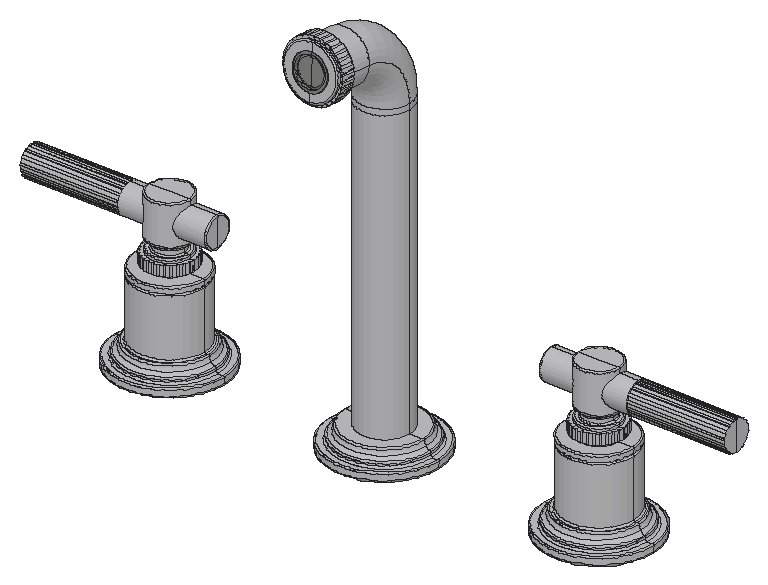
Revit family "Faucet-Wall_Mount-Lavatory-KALLISTA-Central_Park_West-P21223_1", category Plumbing Fixtures, host Face, Revit 2021
Family settings
  Host = Face
  Round Connector Dimension = Use Diameter
  Part Type = Normal
  OmniClass Number = 23.31.11.00
  OmniClass Title = Faucets
  Cut with Voids When Loaded = No
  Shared = No
  Room Calculation Point = No
Parameters (values of type "CP-Chrome")
  Width [instance] = Faucet Hole Spacing  # 8"
  WaterSense Certified = 1 = 1  # yes
  Waste Water Outlet = "Waste Water Outlet"  # constant formula
  Waste Connection = 1 = 0  # no
  Vent Connection = 1 = 0  # no
  URL = "https://www.kallista.com/"
  Type = 1
  Spout Reach = Length  # 7.02362"
  Product Page URL = "https://www.kallista.com/bathroom/faucets/sink-faucets/central-park-west-wall-mount-sink-faucet-lever-handles-p21223-lv-cp"
  Product Name = "Central_Park_West"  # constant formula
  Product Documentation Link = "https://resources.kohler.com/interiors/kallista/pdf/1363524-4.pdf"
  Pressure = 60.00 psi  # constant formula
  Model = if(Type = 1, "P21223-LV-CP", if(Type = 2, "P21223-LV-BN", if(Type = 3, "P21223-LV-BV", if(Type = 4, "P21223-LV-SN", if(Type = 5, "P21223-LV-ULB", if(Type = 6, "P21223-LV-BAF", "NA"))))))  # "P21223-LV-CP"
  Material = "Premium Metal Construction"  # constant formula
  Master Format 2014 Name = "Residential Faucets, Supplies, and Trim"  # constant formula
  Master Format 2014 = "22 41 39"  # constant formula
  Manufacturer Address = "444 Highland Dr, Kohler, WI 53044"  # constant formula
  Manufacturer = "Kallista Co."  # constant formula
  Length = 7.02362"  # constant formula
  Hot Water Inlet = "Hot Water Inlet"  # constant formula
  Height = 2.04724"  # constant formula
  Handle Clearance = 2.56299"  # constant formula
  HW Connection = 1 = 1  # yes
  Flow Rate = 1.2 GPM  # constant formula
  Finish = Kallista-Metal-CP-Chrome
  Faucet Hole Spacing [instance] = 8"
  Environmental Product Declaration = ""
  Drain Included = 1 = 1  # yes
  Description = "WALL-MOUNT SINK FAUCET, LEVER HANDLES"  # constant formula
  Default Elevation = 36"
  Declare Label = ""
  Date Modified = "08/01/2022"  # constant formula
  Date Created = "08/01/2022"  # constant formula
  Copyright = "Copyright Kallista Co."  # constant formula
  Contact Us = "https://www.kallista.com/corporate/contact-us/"
  Cold Water Inlet = "Cold Water Inlet"  # constant formula
  CW Connection = 1 = 1  # yes
  Assembly Code = "D2010"
  ADA Compliant = 1 = 1  # yes
Reference planes (in)
  plane 1 "Center (Front/Back)": y = 0
  plane 2: z = 0
  plane 3 "Center (Left/Right)": x = 0
  plane 4: y = 1.02362
  plane 5: y = -1.02362
  plane 6: y = -0.47258
  plane 7: y = 0.47258
  plane 8: y = 0.47258
  plane 9: y = -1.7253
  plane 10: z = 2.50228
  plane 11: z = 2.87691
  plane 12: z = 7.57087
  plane 13: z = 7.02362
  plane 14: x = -4
  plane 15: x = 4
  plane 16: x = 2.97638
  plane 17: x = 5.02362
  plane 18: x = -2.97638
  plane 19: y = -1.02362
  plane 20: x = -5.02362
  plane 21: x = -6.56105
  plane 22: x = 6.56105
Dimensions and locks (in)
  locked: plane 11 to host face at 2.87691
  plane 11 to host face = 2.87691"
  "Length": plane 13 to level
  "Width": plane 14 to plane 15
  locked: plane 15 to plane 22 at 2.56105
  locked: plane 21 to plane 14 at 2.56105
  equal spacing: plane 14, plane 3 "Center (Left/Right)", plane 15
  equal spacing: plane 20, plane 14, plane 18, locked at 1.02362 each
  equal spacing: plane 16, plane 15, plane 17, locked at 1.02362 each
  locked: plane 14 to plane 18 at 1.02362
  locked: plane 16 to plane 15 at 1.02362
  "Height": plane 19 to plane 4
  aligned and locked: plane 2 to host face
  aligned and locked: level to host face
  aligned and locked: plane 3 "Center (Left/Right)" to nested 1
  aligned and locked: plane 1 "Center (Front/Back)" to nested 1
  aligned and locked: nested 2 to plane 14
  aligned and locked: nested 3 to plane 15
Automatic sketch dimensions
  host sketch curve to host sketch curve = 96"  (x2)
Nested families (in)
  nested 1: "P21223_Spout" at (0, 0, 0), type "P21223_Spout"
  nested 2: "P21223_Handle" at (-4, 0, 0), type "P21223_Handle"
  nested 3: "P21223_Handle" at (4, 0, 0) x (-1, 0, 0) z (0, 0, 1), type "P21223_Handle"
Connectors (in)
  piping at (4, 0, 0), diameter 0.625, driven by "Flow Rate", driven by "Pressure", driven by "CW Connection", driven by "Cold Water Inlet"
    settings: on nested 3, index 1, connector inside diameter 24", connector length 0", flow factor 0, pipe flow 1.2 GPM, pressure drop 60.00 psi, fitting loss kfactor 0, connector angle 0.00°, fixture units 0, engagement length 0", angle of deflection 0.00°, flow configuration 1, flow direction 1, fitting loss method 4, system type 20, joint type 0, gender type 0, connector reference index -1, connector utility 1, adjustable connector no, is connector primary yes, connector description "Cold Water Inlet"
  piping at (-4, 0, 0), diameter 0.625, driven by "Flow Rate", driven by "Pressure", driven by "HW Connection", driven by "Hot Water Inlet"
    settings: on nested 2, index 2, connector inside diameter 24", connector length 0", flow factor 0, pipe flow 1.2 GPM, pressure drop 60.00 psi, fitting loss kfactor 0, connector angle 0.00°, fixture units 0, engagement length 0", angle of deflection 0.00°, flow configuration 1, flow direction 1, fitting loss method 4, system type 19, joint type 0, gender type 0, connector reference index -1, connector utility 1, adjustable connector no, is connector primary no, connector description "Hot Water Inlet"
Definition of nested family "P21223_Spout"
  Parameters
    Material = none
    Default Elevation = 0"
  Reference planes (in)
    plane 1 "Center (Front/Back)": y = 0
    plane 2: z = 0
    plane 3 "Center (Left/Right)": x = 0
    plane 4: x = -1.02362
    plane 5: x = 1.02362
    plane 6: z = 7.57087
    plane 7: y = 1.02362
    plane 8: y = -1.02362
    plane 9: z = 7.02362
    plane 10: y = -1.7253
    plane 11: y = 0.47258
    plane 12: y = -0.47258
    plane 13 "A": through (0, -1.72637, 7.02357) normal (0, 0.0872, 0.9962)
    plane 14 "D": through (0, -1.712, 6.46304) normal (0, 0.9962, -0.0872)
  Forms (in)
    Revolve 1, solid, material <- "Material", detail levels medium+fine
      sketch origin (0, 0, 0) x (1, 0, 0) y (0, 0, 1)
        loop
          line (0, 0) -> (0, 5.80988) -> (-0.47307, 5.80988) -> (-0.47307, 0.40031) -> (-0.71712, 0.40031)
          arc (-0.71712, 0.40031) -> (-0.73151, 0.39489) -> (-0.73875, 0.38132) r 0.02182
          arc (-0.73875, 0.38132) -> (-0.74929, 0.33678) -> (-0.76866, 0.29532) r 0.22411
          arc (-0.76866, 0.29532) -> (-0.80045, 0.25936) -> (-0.84307, 0.2373) r 0.13075
          arc (-0.84307, 0.2373) -> (-0.85575, 0.22838) -> (-0.86062, 0.21366) r 0.02469
          line (-0.86062, 0.21366) -> (-0.86062, 0.18067)
          arc (-0.86062, 0.18067) -> (-0.87022, 0.15751) -> (-0.89337, 0.14792) r 0.03275
          line (-0.89337, 0.14792) -> (-1.00345, 0.14792)
          arc (-1.00345, 0.14792) -> (-1.01771, 0.14201) -> (-1.02362, 0.12774) r 0.02017
          line (-1.02362, 0.12774) -> (-1.02362, 0.01958)
          arc (-1.02362, 0.01958) -> (-1.01789, 0.00573) -> (-1.00404, 0) r 0.01958
          line (-1.00404, 0) -> (0, 0)
        axis (0, 5.80988) -> (0, 0)
      angle from 0 to 360
    Revolve 2, solid, material <- "Material", detail levels medium+fine
      sketch origin (0, 0, 0) x (0, 1, 0) y (0, 0, 1)
        loop
          line (-1.69798, 7.35447) -> (-1.56672, 7.34298) -> (-1.59567, 7.01214) -> (-1.34784, 6.99046) -> (-1.30558, 7.47348)
          arc (-1.30558, 7.47348) -> (-1.31043, 7.48886) -> (-1.32473, 7.49631) r 0.02107
          line (-1.32473, 7.49631) -> (-1.3657, 7.49989) -> (-1.36123, 7.55091) -> (-1.61489, 7.5731) -> (-1.61935, 7.52208) -> (-1.66184, 7.5258)
          arc (-1.66184, 7.5258) -> (-1.67722, 7.52095) -> (-1.68466, 7.50665) r 0.02107
          line (-1.68466, 7.50665) -> (-1.69798, 7.35447)
        axis (-1.34784, 6.99046) -> (-1.72692, 7.02362)
      angle from 0 to 360
    Sweep 3, solid, material <- "Material", detail levels medium+fine
      path origin (0, 0, 0) x (0, 1, 0) y (0, 0, 1)
        loop
          line (0, 5.80988) -> (0, 5.91571)
          arc (0, 5.91571) -> (-0.27433, 6.62116) -> (-0.95319, 6.95593) r 1.0442
          line (-0.95319, 6.95593) -> (-1.57172, 7.01004)
      profile origin (0, 0, 5.80988) x (0, -1, 0) y (1, 0, 0)
        loop
          circle (0, 0) r 0.47307
    Extrusion 4, void
      sketch origin (0, -2.26015, 0.19774) x (0, -0.087156, -0.996195) y (-1, 0, 0)
        loop
          arc (-7.40317, 0.02025) -> (-7.40353, 0.00146) -> (-7.40326, -0.01733) r 0.55715
          arc (-7.40326, -0.01733) -> (-7.38437, 0.00141) -> (-7.40317, 0.02025) r 0.01879
        loop
          arc (-7.38871, 0.12768) -> (-7.39261, 0.1098) -> (-7.39592, 0.09181) r 0.55715
          arc (-7.39592, 0.09181) -> (-7.37426, 0.10612) -> (-7.38871, 0.12768) r 0.01829
        loop
          arc (-7.36765, 0.19673) -> (-7.34487, 0.20736) -> (-7.35339, 0.23101) r 0.01864
          arc (-7.35339, 0.23101) -> (-7.3608, 0.21399) -> (-7.36765, 0.19673) r 0.55715
        loop
          arc (-7.31972, 0.29389) -> (-7.29572, 0.30137) -> (-7.29791, 0.32641) r 0.02004
          arc (-7.29791, 0.32641) -> (-7.3091, 0.31034) -> (-7.31972, 0.29389) r 0.55715
        loop
          arc (-7.25372, 0.38013) -> (-7.22765, 0.38126) -> (-7.22651, 0.40733) r 0.01931
          arc (-7.22651, 0.40733) -> (-7.24035, 0.39397) -> (-7.25372, 0.38013) r 0.55715
        loop
          arc (-7.13932, 0.47393) -> (-7.15612, 0.46312) -> (-7.17251, 0.45173) r 0.55715
          arc (-7.17251, 0.45173) -> (-7.14675, 0.44912) -> (-7.13932, 0.47393) r 0.02033
        loop
          arc (-7.07842, 0.50653) -> (-7.05372, 0.49768) -> (-7.0426, 0.52146) r 0.01949
          arc (-7.0426, 0.52146) -> (-7.06064, 0.51431) -> (-7.07842, 0.50653) r 0.55715
        loop
          arc (-6.97389, 0.54236) -> (-6.95152, 0.52898) -> (-6.93597, 0.5499) r 0.01943
          arc (-6.93597, 0.5499) -> (-6.955, 0.54646) -> (-6.97389, 0.54236) r 0.55715
        loop
          arc (-6.86717, 0.55676) -> (-6.84638, 0.53598) -> (-6.8256, 0.55676) r 0.02078
          arc (-6.8256, 0.55676) -> (-6.84638, 0.55715) -> (-6.86717, 0.55676) r 0.55715
        loop
          arc (-6.75993, 0.5504) -> (-6.74266, 0.52632) -> (-6.71754, 0.54205) r 0.02165
          arc (-6.71754, 0.54205) -> (-6.73866, 0.54664) -> (-6.75993, 0.5504) r 0.55715
        loop
          arc (-6.65354, 0.52271) -> (-6.64304, 0.49724) -> (-6.6177, 0.50805) r 0.01936
          arc (-6.6177, 0.50805) -> (-6.63549, 0.5157) -> (-6.65354, 0.52271) r 0.55715
        loop
          arc (-6.55522, 0.47502) -> (-6.54959, 0.44812) -> (-6.52263, 0.45343) r 0.01955
          arc (-6.52263, 0.45343) -> (-6.53874, 0.46451) -> (-6.55522, 0.47502) r 0.55715
        loop
          arc (-6.44066, 0.38184) -> (-6.4539, 0.39544) -> (-6.46759, 0.40858) r 0.55715
          arc (-6.46759, 0.40858) -> (-6.4684, 0.38083) -> (-6.44066, 0.38184) r 0.01902
        loop
          arc (-6.39499, 0.32659) -> (-6.40235, 0.29932) -> (-6.37431, 0.29591) r 0.01869
          arc (-6.37431, 0.29591) -> (-6.3844, 0.31142) -> (-6.39499, 0.32659) r 0.55715
        loop
          arc (-6.33966, 0.23161) -> (-6.35044, 0.2066) -> (-6.32509, 0.19665) r 0.01895
          arc (-6.32509, 0.19665) -> (-6.33208, 0.21425) -> (-6.33966, 0.23161) r 0.55715
        loop
          arc (-6.30443, 0.12925) -> (-6.32077, 0.10658) -> (-6.29689, 0.09207) r 0.01903
          arc (-6.29689, 0.09207) -> (-6.30035, 0.11072) -> (-6.30443, 0.12925) r 0.55715
        loop
          arc (-6.28959, 0.01999) -> (-6.30958, 0) -> (-6.28959, -0.01999) r 0.01999
          arc (-6.28959, -0.01999) -> (-6.28923, 0) -> (-6.28959, 0.01999) r 0.55715
        loop
          arc (-7.39646, -0.08853) -> (-7.39317, -0.10696) -> (-7.38927, -0.12527) r 0.55715
          arc (-7.38927, -0.12527) -> (-7.37433, -0.10327) -> (-7.39646, -0.08853) r 0.01872
        loop
          arc (-7.36867, -0.19401) -> (-7.36196, -0.21119) -> (-7.35469, -0.22813) r 0.55715
          arc (-7.35469, -0.22813) -> (-7.34429, -0.20395) -> (-7.36867, -0.19401) r 0.01844
        loop
          arc (-7.32084, -0.29207) -> (-7.31067, -0.30799) -> (-7.29996, -0.32355) r 0.55715
          arc (-7.29996, -0.32355) -> (-7.29423, -0.29709) -> (-7.32084, -0.29207) r 0.01889
        loop
          arc (-7.25493, -0.37882) -> (-7.24171, -0.3926) -> (-7.22802, -0.40592) r 0.55715
          arc (-7.22802, -0.40592) -> (-7.228, -0.37899) -> (-7.25493, -0.37882) r 0.0191
        loop
          arc (-7.17365, -0.4509) -> (-7.15751, -0.46219) -> (-7.14099, -0.47289) r 0.55715
          arc (-7.14099, -0.47289) -> (-7.14634, -0.44558) -> (-7.17365, -0.4509) r 0.01968
        loop
          arc (-7.07908, -0.50623) -> (-7.06131, -0.51403) -> (-7.04327, -0.5212) r 0.55715
          arc (-7.04327, -0.5212) -> (-7.05363, -0.49568) -> (-7.07908, -0.50623) r 0.01941
        loop
          arc (-6.9758, -0.54191) -> (-6.95637, -0.54619) -> (-6.9368, -0.54977) r 0.55715
          arc (-6.9368, -0.54977) -> (-6.95232, -0.5261) -> (-6.9758, -0.54191) r 0.01989
        loop
          arc (-6.86747, -0.55675) -> (-6.84638, -0.55715) -> (-6.8253, -0.55675) r 0.55715
          arc (-6.8253, -0.55675) -> (-6.84638, -0.53567) -> (-6.86747, -0.55675) r 0.02108
        loop
          arc (-6.7593, -0.5503) -> (-6.73891, -0.54669) -> (-6.71866, -0.54231) r 0.55715
          arc (-6.71866, -0.54231) -> (-6.74306, -0.52557) -> (-6.7593, -0.5503) r 0.02071
        loop
          arc (-6.6147, -0.50669) -> (-6.64198, -0.49475) -> (-6.65287, -0.52246) r 0.02067
          arc (-6.65287, -0.52246) -> (-6.63364, -0.51493) -> (-6.6147, -0.50669) r 0.55715
        loop
          arc (-6.52044, -0.45186) -> (-6.54899, -0.44527) -> (-6.55385, -0.47417) r 0.02012
          arc (-6.55385, -0.47417) -> (-6.53694, -0.46332) -> (-6.52044, -0.45186) r 0.55715
        loop
          arc (-6.43886, -0.37993) -> (-6.46807, -0.37831) -> (-6.46646, -0.40752) r 0.01963
          arc (-6.46646, -0.40752) -> (-6.45242, -0.39397) -> (-6.43886, -0.37993) r 0.55715
        loop
          arc (-6.37307, -0.29392) -> (-6.4012, -0.2977) -> (-6.39394, -0.32513) r 0.01892
          arc (-6.39394, -0.32513) -> (-6.38324, -0.3097) -> (-6.37307, -0.29392) r 0.55715
        loop
          arc (-6.32464, -0.19545) -> (-6.35109, -0.20525) -> (-6.33932, -0.23088) r 0.01923
          arc (-6.33932, -0.23088) -> (-6.33168, -0.21329) -> (-6.32464, -0.19545) r 0.55715
        loop
          arc (-6.29636, -0.08886) -> (-6.32165, -0.1035) -> (-6.30382, -0.12665) r 0.01943
          arc (-6.30382, -0.12665) -> (-6.29977, -0.10782) -> (-6.29636, -0.08886) r 0.55715
      from 0 to 0.25462
    Revolve 5, solid, detail levels medium+fine
      sketch origin (0, 0, 0) x (0, 1, 0) y (0, 0, 1)
        loop
          line (-1.56724, 7.33703) -> (-1.6985, 7.34851) -> (-1.70218, 7.30645) -> (-1.59432, 7.29701) -> (-1.62131, 7.28079) -> (-1.65622, 7.28385)
          arc (-1.65622, 7.28385) -> (-1.67237, 7.27876) -> (-1.68019, 7.26373) r 0.02213
          line (-1.68019, 7.26373) -> (-1.70139, 7.02139) -> (-1.59567, 7.01214) -> (-1.56724, 7.33703)
        axis (-1.72692, 7.02362) -> (-1.59567, 7.01214)
      angle from 0 to 360
    Revolve 6, solid, material <- "Material", detail levels coarse
      sketch origin (0, 0, 0) x (1, 0, 0) y (0, 0, 1)
        loop
          line (-1.02362, 0) -> (0, 0) -> (0, 5.91428) -> (-0.47307, 5.91428) -> (-0.47307, 0.40031) -> (-0.72534, 0.40031) -> (-0.84256, 0.23746) -> (-0.89337, 0.14792) -> (-1.02362, 0.14792) -> (-1.02362, 0)
        axis (0, 5.91428) -> (0, 0)
      angle from 0 to 360
    Sweep 7, solid, material <- "Material", detail levels coarse
      path origin (0, 0, 0) x (0, 1, 0) y (0, 0, 1)
        loop
          line (0, 5.91371) -> (0, 5.97064)
          arc (0, 5.97064) -> (-0.25859, 6.63559) -> (-0.89847, 6.95114) r 0.98425
          line (-0.89847, 6.95114) -> (-1.60602, 7.01304)
      profile origin (0, 0, 5.91371) x (0, -1, 0) y (1, 0, 0)
        loop
          circle (0, 0) r 0.47307
    Revolve 8, solid, material <- "Material", detail levels coarse
      sketch origin (0, 0, 0) x (0, 1, 0) y (0, 0, 1)
        loop
          line (-1.30365, 7.49559) -> (-1.3656, 7.50101) -> (-1.36126, 7.55064) -> (-1.61445, 7.57279) -> (-1.61887, 7.5222) -> (-1.68281, 7.5278) -> (-1.72692, 7.02362) -> (-1.34784, 6.99046) -> (-1.30365, 7.49559)
        axis (-1.34784, 6.99046) -> (-1.72692, 7.02362)
      angle from 0 to 360
  Cuts and joins
    Extrusion 4 cuts Revolve 2
    joined: Revolve 1, Revolve 2, Sweep 3
    joined: Revolve 6, Sweep 7, Revolve 8
  Lines and regions (in)
    Masking region 1
      outline origin (0, 0, 0) x (1, 0, 0) y (0, 0, 1)
        loop
          line (-1.00235, 0) -> (1.00235, 0)
          arc (1.00235, 0) -> (1.01739, 0.00623) -> (1.02362, 0.02127) r 0.02127
          line (1.02362, 0.02127) -> (1.02362, 0.12729)
          arc (1.02362, 0.12729) -> (1.01758, 0.14187) -> (1.00299, 0.14792) r 0.02063
          line (1.00299, 0.14792) -> (0.89337, 0.14792)
          arc (0.89337, 0.14792) -> (0.87023, 0.1575) -> (0.86065, 0.18064) r 0.03272
          line (0.86065, 0.18064) -> (0.86065, 0.21162)
          arc (0.86065, 0.21162) -> (0.85568, 0.22739) -> (0.84256, 0.23746) r 0.0275
          arc (0.84256, 0.23746) -> (0.79338, 0.26463) -> (0.76122, 0.3107) r 0.12413
          arc (0.76122, 0.3107) -> (0.74744, 0.3452) -> (0.73897, 0.38137) r 0.24799
          arc (0.73897, 0.38137) -> (0.7314, 0.39493) -> (0.71684, 0.40031) r 0.02239
          line (0.71684, 0.40031) -> (0.47307, 0.40031) -> (0.47307, 6.72487)
          spline (0.47307, 6.72487) -> (0.47618, 6.72991) -> (0.47923, 6.73497) -> (0.48222, 6.74006) -> (0.48516, 6.74519) -> (0.48805, 6.75035) -> (0.49088, 6.75553) -> (0.49366, 6.76075) -> (0.49638, 6.766) -> (0.49904, 6.77127) -> (0.50165, 6.77658) -> (0.5042, 6.78191) -> (0.50669, 6.78726)
          spline (0.50669, 6.78726) -> (0.50181, 6.78984) -> (0.49779, 6.79362) -> (0.49492, 6.79832) -> (0.4934, 6.80361) -> (0.49334, 6.80912) -> (0.49475, 6.81444) -> (0.49752, 6.8192) -> (0.50146, 6.82306) -> (0.50629, 6.82574) -> (0.51166, 6.82705) -> (0.51718, 6.8269) -> (0.52246, 6.82529)
          spline (0.52246, 6.82529) -> (0.52443, 6.83065) -> (0.52633, 6.83604) -> (0.52819, 6.84144) -> (0.52998, 6.84686) -> (0.53172, 6.8523) -> (0.5334, 6.85776) -> (0.53503, 6.86323) -> (0.5366, 6.86872) -> (0.53812, 6.87423) -> (0.53957, 6.87975) -> (0.54097, 6.88528) -> (0.54231, 6.89083)
          spline (0.54231, 6.89083) -> (0.53709, 6.89248) -> (0.53249, 6.89543) -> (0.52882, 6.89948) -> (0.52634, 6.90435) -> (0.52523, 6.90969) -> (0.52557, 6.91514) -> (0.52733, 6.9203) -> (0.53038, 6.92483) -> (0.53452, 6.9284) -> (0.53946, 6.93077) -> (0.54484, 6.93176) -> (0.5503, 6.93131)
          spline (0.5503, 6.93131) -> (0.55114, 6.93676) -> (0.55192, 6.94221) -> (0.55265, 6.94767) -> (0.55333, 6.95314) -> (0.55394, 6.95861) -> (0.55451, 6.96409) -> (0.55502, 6.96958) -> (0.55548, 6.97507) -> (0.55588, 6.98056) -> (0.55622, 6.98606) -> (0.55651, 6.99156) -> (0.55675, 6.99706)
          spline (0.55675, 6.99706) -> (0.55129, 6.99778) -> (0.54621, 6.99988) -> (0.54184, 7.00322) -> (0.53849, 7.00757) -> (0.53639, 7.01263) -> (0.53567, 7.01807) -> (0.53639, 7.0235) -> (0.53849, 7.02857) -> (0.54184, 7.03292) -> (0.54621, 7.03626) -> (0.55129, 7.03836) -> (0.55675, 7.03907)
          spline (0.55675, 7.03907) -> (0.5565, 7.04486) -> (0.55619, 7.05064) -> (0.55582, 7.05641) -> (0.55539, 7.06218) -> (0.5549, 7.06795) -> (0.55434, 7.07371) -> (0.55373, 7.07947) -> (0.55306, 7.08522) -> (0.55232, 7.09096) -> (0.55153, 7.0967) -> (0.55068, 7.10242) -> (0.54977, 7.10814)
          spline (0.54977, 7.10814) -> (0.54455, 7.10773) -> (0.53941, 7.10869) -> (0.53469, 7.11095) -> (0.53073, 7.11436) -> (0.5278, 7.11867) -> (0.5261, 7.1236) -> (0.52575, 7.12881) -> (0.52678, 7.13392) -> (0.5291, 7.13859) -> (0.53257, 7.14249) -> (0.53694, 7.14536) -> (0.54191, 7.14699)
          spline (0.54191, 7.14699) -> (0.54052, 7.15269) -> (0.53906, 7.15837) -> (0.53754, 7.16403) -> (0.53596, 7.16968) -> (0.53432, 7.17531) -> (0.53263, 7.18092) -> (0.53087, 7.18652) -> (0.52905, 7.1921) -> (0.52718, 7.19765) -> (0.52525, 7.20319) -> (0.52325, 7.20871) -> (0.5212, 7.2142)
          spline (0.5212, 7.2142) -> (0.5163, 7.21284) -> (0.51121, 7.2128) -> (0.50628, 7.21407) -> (0.50186, 7.21658) -> (0.49824, 7.22015) -> (0.49568, 7.22453) -> (0.49435, 7.22942) -> (0.49434, 7.23449) -> (0.49566, 7.23939) -> (0.49821, 7.24378) -> (0.50181, 7.24736) -> (0.50623, 7.24988)
          spline (0.50623, 7.24988) -> (0.50375, 7.25517) -> (0.50122, 7.26044) -> (0.49863, 7.26568) -> (0.49599, 7.2709) -> (0.49329, 7.27608) -> (0.49054, 7.28124) -> (0.48773, 7.28637) -> (0.48487, 7.29147) -> (0.48195, 7.29654) -> (0.47898, 7.30157) -> (0.47596, 7.30658) -> (0.47289, 7.31155)
          spline (0.47289, 7.31155) -> (0.46829, 7.30928) -> (0.46326, 7.30827) -> (0.45813, 7.30859) -> (0.45326, 7.31022) -> (0.44898, 7.31305) -> (0.44558, 7.31688) -> (0.4433, 7.32146) -> (0.44228, 7.32648) -> (0.44259, 7.33158) -> (0.44422, 7.33643) -> (0.44706, 7.3407) -> (0.4509, 7.34409)
          spline (0.4509, 7.34409) -> (0.44742, 7.34881) -> (0.44389, 7.3535) -> (0.44031, 7.35815) -> (0.43668, 7.36277) -> (0.433, 7.36734) -> (0.42927, 7.37188) -> (0.4255, 7.37638) -> (0.42168, 7.38083) -> (0.41781, 7.38525) -> (0.41389, 7.38962) -> (0.40993, 7.39396) -> (0.40592, 7.39825)
          spline (0.40592, 7.39825) -> (0.40197, 7.39524) -> (0.39738, 7.39335) -> (0.39246, 7.39271) -> (0.38753, 7.39335) -> (0.38294, 7.39523) -> (0.37899, 7.39823) -> (0.37595, 7.40215) -> (0.37402, 7.40671) -> (0.37335, 7.41161) -> (0.37396, 7.41652) -> (0.37583, 7.42111) -> (0.37882, 7.42506)
          spline (0.37882, 7.42506) -> (0.37444, 7.42907) -> (0.37002, 7.43302) -> (0.36555, 7.43693) -> (0.36104, 7.44079) -> (0.35649, 7.44461) -> (0.35191, 7.44837) -> (0.34728, 7.45209) -> (0.34261, 7.45576) -> (0.3379, 7.45937) -> (0.33315, 7.46294) -> (0.32837, 7.46645) -> (0.32355, 7.46992)
          spline (0.32355, 7.46992) -> (0.32035, 7.46607) -> (0.31625, 7.4632) -> (0.31153, 7.4615) -> (0.30653, 7.4611) -> (0.3016, 7.46203) -> (0.29709, 7.46421) -> (0.29331, 7.4675) -> (0.29054, 7.47167) -> (0.28896, 7.47641) -> (0.2887, 7.4814) -> (0.28976, 7.48629) -> (0.29207, 7.49072)
          spline (0.29207, 7.49072) -> (0.28692, 7.49384) -> (0.28173, 7.49691) -> (0.27651, 7.49992) -> (0.27126, 7.50288) -> (0.26597, 7.50577) -> (0.26065, 7.50861) -> (0.25531, 7.5114) -> (0.24993, 7.51412) -> (0.24452, 7.51679) -> (0.23909, 7.5194) -> (0.23363, 7.52195) -> (0.22813, 7.52444)
          spline (0.22813, 7.52444) -> (0.22579, 7.52018) -> (0.22241, 7.51669) -> (0.21822, 7.5142) -> (0.21353, 7.51289) -> (0.20866, 7.51285) -> (0.20395, 7.51408) -> (0.19973, 7.5165) -> (0.19629, 7.51993) -> (0.19387, 7.52414) -> (0.19264, 7.52884) -> (0.19269, 7.53369) -> (0.19401, 7.53836)
          spline (0.19401, 7.53836) -> (0.18839, 7.54041) -> (0.18274, 7.54239) -> (0.17708, 7.54432) -> (0.1714, 7.54618) -> (0.16569, 7.54799) -> (0.15997, 7.54973) -> (0.15423, 7.55141) -> (0.14847, 7.55303) -> (0.14269, 7.55459) -> (0.1369, 7.55608) -> (0.13109, 7.55752) -> (0.12527, 7.55889)
          spline (0.12527, 7.55889) -> (0.12374, 7.55423) -> (0.12105, 7.55014) -> (0.11738, 7.54688) -> (0.11299, 7.54468) -> (0.10818, 7.5437) -> (0.10327, 7.544) -> (0.09862, 7.54557) -> (0.09453, 7.54828) -> (0.09129, 7.55196) -> (0.08913, 7.55636) -> (0.08818, 7.56116) -> (0.08853, 7.56605)
          spline (0.08853, 7.56605) -> (0.08264, 7.56696) -> (0.07673, 7.56781) -> (0.07082, 7.5686) -> (0.0649, 7.56932) -> (0.05898, 7.56998) -> (0.05304, 7.57058) -> (0.0471, 7.57111) -> (0.04116, 7.57158) -> (0.03521, 7.57199) -> (0.02925, 7.57233) -> (0.02329, 7.57261) -> (0.01733, 7.57283)
          spline (0.01733, 7.57283) -> (0.0172, 7.5705) -> (0.01678, 7.5682) -> (0.01607, 7.56597) -> (0.01509, 7.56385) -> (0.01385, 7.56187) -> (0.01237, 7.56005) -> (0.01068, 7.55844) -> (0.0088, 7.55704) -> (0.00675, 7.55589) -> (0.00459, 7.55501) -> (0.00232, 7.55439) -> (0, 7.55407)
          spline (0, 7.55407) -> (-0.00258, 7.55404) -> (-0.00514, 7.55437) -> (-0.00763, 7.55505) -> (-0.01, 7.55606) -> (-0.01221, 7.55738) -> (-0.01422, 7.55899) -> (-0.01599, 7.56086) -> (-0.01749, 7.56295) -> (-0.01868, 7.56523) -> (-0.01955, 7.56765) -> (-0.02008, 7.57017) -> (-0.02025, 7.57273)
          spline (-0.02025, 7.57273) -> (-0.02625, 7.57248) -> (-0.03224, 7.57217) -> (-0.03822, 7.57179) -> (-0.0442, 7.57135) -> (-0.05018, 7.57084) -> (-0.05615, 7.57027) -> (-0.06211, 7.56964) -> (-0.06807, 7.56894) -> (-0.07402, 7.56818) -> (-0.07996, 7.56735) -> (-0.08589, 7.56646) -> (-0.09181, 7.56551)
          spline (-0.09181, 7.56551) -> (-0.09146, 7.56075) -> (-0.09236, 7.55606) -> (-0.09446, 7.55176) -> (-0.0976, 7.54815) -> (-0.10158, 7.54548) -> (-0.10612, 7.54394) -> (-0.1109, 7.54362) -> (-0.1156, 7.54455) -> (-0.1199, 7.54666) -> (-0.1235, 7.54982) -> (-0.12615, 7.5538) -> (-0.12768, 7.55833)
          spline (-0.12768, 7.55833) -> (-0.13353, 7.55692) -> (-0.13936, 7.55545) -> (-0.14519, 7.55392) -> (-0.15099, 7.55233) -> (-0.15677, 7.55067) -> (-0.16254, 7.54895) -> (-0.16829, 7.54717) -> (-0.17402, 7.54533) -> (-0.17973, 7.54343) -> (-0.18542, 7.54146) -> (-0.19108, 7.53944) -> (-0.19673, 7.53735)
          spline (-0.19673, 7.53735) -> (-0.19591, 7.53285) -> (-0.19621, 7.52829) -> (-0.19763, 7.52395) -> (-0.20006, 7.52008) -> (-0.20337, 7.51692) -> (-0.20736, 7.51466) -> (-0.21178, 7.51343) -> (-0.21636, 7.51332) -> (-0.22084, 7.51433) -> (-0.22493, 7.5164) -> (-0.22839, 7.51939) -> (-0.23101, 7.52314)
          spline (-0.23101, 7.52314) -> (-0.23641, 7.52066) -> (-0.24178, 7.51811) -> (-0.24713, 7.51551) -> (-0.25244, 7.51286) -> (-0.25773, 7.51014) -> (-0.26299, 7.50738) -> (-0.26822, 7.50455) -> (-0.27341, 7.50167) -> (-0.27858, 7.49874) -> (-0.28372, 7.49575) -> (-0.28882, 7.4927) -> (-0.29389, 7.4896)
          spline (-0.29389, 7.4896) -> (-0.29271, 7.48526) -> (-0.29255, 7.48076) -> (-0.2934, 7.47634) -> (-0.29522, 7.47222) -> (-0.29793, 7.46861) -> (-0.30137, 7.4657) -> (-0.30538, 7.46363) -> (-0.30976, 7.46251) -> (-0.31428, 7.46239) -> (-0.3187, 7.46328) -> (-0.32282, 7.46514) -> (-0.32641, 7.46787)
          spline (-0.32641, 7.46787) -> (-0.33109, 7.46446) -> (-0.33574, 7.46101) -> (-0.34035, 7.4575) -> (-0.34492, 7.45395) -> (-0.34946, 7.45035) -> (-0.35396, 7.4467) -> (-0.35842, 7.443) -> (-0.36284, 7.43926) -> (-0.36722, 7.43548) -> (-0.37156, 7.43165) -> (-0.37587, 7.42777) -> (-0.38013, 7.42385)
          spline (-0.38013, 7.42385) -> (-0.37754, 7.41987) -> (-0.37601, 7.41538) -> (-0.37563, 7.41065) -> (-0.37642, 7.40597) -> (-0.37834, 7.40162) -> (-0.38126, 7.39788) -> (-0.38502, 7.39497) -> (-0.38938, 7.39305) -> (-0.39408, 7.39226) -> (-0.39883, 7.39264) -> (-0.40334, 7.39417) -> (-0.40733, 7.39675)
          spline (-0.40733, 7.39675) -> (-0.41129, 7.39248) -> (-0.4152, 7.38818) -> (-0.41906, 7.38383) -> (-0.42288, 7.37944) -> (-0.42665, 7.37501) -> (-0.43038, 7.37055) -> (-0.43406, 7.36604) -> (-0.43769, 7.3615) -> (-0.44127, 7.35692) -> (-0.4448, 7.3523) -> (-0.44829, 7.34765) -> (-0.45173, 7.34296)
          spline (-0.45173, 7.34296) -> (-0.4488, 7.33933) -> (-0.44679, 7.33513) -> (-0.44579, 7.33059) -> (-0.44585, 7.32594) -> (-0.44698, 7.32143) -> (-0.44912, 7.31729) -> (-0.45214, 7.31375) -> (-0.4559, 7.31098) -> (-0.46019, 7.30915) -> (-0.46478, 7.30833) -> (-0.46944, 7.30858) -> (-0.47393, 7.30989)
          spline (-0.47393, 7.30989) -> (-0.47693, 7.30499) -> (-0.47988, 7.30007) -> (-0.48278, 7.29511) -> (-0.48563, 7.29012) -> (-0.48843, 7.28511) -> (-0.49117, 7.28006) -> (-0.49387, 7.27499) -> (-0.49651, 7.26989) -> (-0.49909, 7.26476) -> (-0.50163, 7.25961) -> (-0.50411, 7.25443) -> (-0.50653, 7.24922)
          spline (-0.50653, 7.24922) -> (-0.50261, 7.24649) -> (-0.49948, 7.24288) -> (-0.49733, 7.23862) -> (-0.49628, 7.23397) -> (-0.4964, 7.22921) -> (-0.49768, 7.22461) -> (-0.50005, 7.22047) -> (-0.50336, 7.21703) -> (-0.50742, 7.21449) -> (-0.51197, 7.21302) -> (-0.51675, 7.21269) -> (-0.52146, 7.21354)
          spline (-0.52146, 7.21354) -> (-0.52353, 7.20794) -> (-0.52555, 7.20233) -> (-0.52751, 7.19669) -> (-0.52941, 7.19103) -> (-0.53124, 7.18535) -> (-0.53302, 7.17965) -> (-0.53473, 7.17393) -> (-0.53638, 7.1682) -> (-0.53797, 7.16245) -> (-0.5395, 7.15668) -> (-0.54096, 7.15089) -> (-0.54236, 7.14509)
          spline (-0.54236, 7.14509) -> (-0.53802, 7.14317) -> (-0.53428, 7.14025) -> (-0.53136, 7.13652) -> (-0.52944, 7.13219) -> (-0.52863, 7.12753) -> (-0.52898, 7.12281) -> (-0.53046, 7.11831) -> (-0.533, 7.11431) -> (-0.53644, 7.11104) -> (-0.54057, 7.10871) -> (-0.54515, 7.10744) -> (-0.5499, 7.10731)
          spline (-0.5499, 7.10731) -> (-0.5508, 7.10164) -> (-0.55164, 7.09596) -> (-0.55242, 7.09026) -> (-0.55314, 7.08457) -> (-0.5538, 7.07886) -> (-0.5544, 7.07315) -> (-0.55494, 7.06743) -> (-0.55543, 7.06171) -> (-0.55585, 7.05598) -> (-0.55621, 7.05025) -> (-0.55652, 7.04451) -> (-0.55676, 7.03877)
          spline (-0.55676, 7.03877) -> (-0.55138, 7.03807) -> (-0.54637, 7.036) -> (-0.54207, 7.03271) -> (-0.53876, 7.02842) -> (-0.53669, 7.02343) -> (-0.53598, 7.01807) -> (-0.53669, 7.01271) -> (-0.53876, 7.00772) -> (-0.54207, 7.00343) -> (-0.54637, 7.00014) -> (-0.55138, 6.99807) -> (-0.55676, 6.99736)
          spline (-0.55676, 6.99736) -> (-0.55653, 6.99189) -> (-0.55624, 6.98642) -> (-0.5559, 6.98095) -> (-0.55551, 6.97548) -> (-0.55506, 6.97002) -> (-0.55456, 6.96456) -> (-0.554, 6.95911) -> (-0.55339, 6.95366) -> (-0.55272, 6.94822) -> (-0.552, 6.94279) -> (-0.55123, 6.93737) -> (-0.5504, 6.93195)
          spline (-0.5504, 6.93195) -> (-0.54498, 6.93198) -> (-0.53971, 6.93067) -> (-0.53494, 6.92809) -> (-0.53096, 6.92442) -> (-0.52803, 6.91987) -> (-0.52632, 6.91474) -> (-0.52594, 6.90935) -> (-0.52693, 6.90403) -> (-0.52921, 6.89913) -> (-0.53264, 6.89494) -> (-0.53701, 6.89174) -> (-0.54205, 6.88972)
          spline (-0.54205, 6.88972) -> (-0.54073, 6.88432) -> (-0.53936, 6.87894) -> (-0.53794, 6.87357) -> (-0.53646, 6.86821) -> (-0.53493, 6.86287) -> (-0.53334, 6.85755) -> (-0.5317, 6.85224) -> (-0.53001, 6.84695) -> (-0.52827, 6.84167) -> (-0.52647, 6.83642) -> (-0.52462, 6.83118) -> (-0.52271, 6.82596)
          spline (-0.52271, 6.82596) -> (-0.5178, 6.82731) -> (-0.51271, 6.82733) -> (-0.50778, 6.82603) -> (-0.50337, 6.82349) -> (-0.49977, 6.8199) -> (-0.49724, 6.8155) -> (-0.49595, 6.81059) -> (-0.49599, 6.80551) -> (-0.49735, 6.80062) -> (-0.49995, 6.79626) -> (-0.5036, 6.79272) -> (-0.50805, 6.79025)
          spline (-0.50805, 6.79025) -> (-0.50548, 6.78463) -> (-0.50284, 6.77904) -> (-0.50014, 6.77348) -> (-0.49737, 6.76795) -> (-0.49455, 6.76245) -> (-0.49166, 6.75698) -> (-0.48871, 6.75155) -> (-0.4857, 6.74614) -> (-0.48263, 6.74077) -> (-0.47951, 6.73544) -> (-0.47632, 6.73014) -> (-0.47307, 6.72487)
          line (-0.47307, 6.72487) -> (-0.47307, 0.40031) -> (-0.71684, 0.40031)
          arc (-0.71684, 0.40031) -> (-0.7314, 0.39493) -> (-0.73897, 0.38137) r 0.02239
          arc (-0.73897, 0.38137) -> (-0.74744, 0.3452) -> (-0.76122, 0.3107) r 0.24799
          arc (-0.76122, 0.3107) -> (-0.79338, 0.26463) -> (-0.84256, 0.23746) r 0.12413
          arc (-0.84256, 0.23746) -> (-0.85568, 0.22739) -> (-0.86065, 0.21162) r 0.0275
          line (-0.86065, 0.21162) -> (-0.86065, 0.18064)
          arc (-0.86065, 0.18064) -> (-0.87023, 0.1575) -> (-0.89337, 0.14792) r 0.03272
          line (-0.89337, 0.14792) -> (-1.00299, 0.14792)
          arc (-1.00299, 0.14792) -> (-1.01758, 0.14187) -> (-1.02362, 0.12729) r 0.02063
          line (-1.02362, 0.12729) -> (-1.02362, 0.02127)
          arc (-1.02362, 0.02127) -> (-1.01739, 0.00623) -> (-1.00235, 0) r 0.02127
    Masking region 2
      outline origin (0, 0, 0) x (1, 0, 0) y (0, 1, 0)
        loop
          line (-0.55676, -1.40798) -> (-0.55676, -1.66526)
          spline (-0.55676, -1.66526) -> (-0.55653, -1.66573) -> (-0.55624, -1.66621) -> (-0.5559, -1.66669) -> (-0.55551, -1.66717) -> (-0.55506, -1.66765) -> (-0.55456, -1.66813) -> (-0.554, -1.6686) -> (-0.55339, -1.66908) -> (-0.55272, -1.66955) -> (-0.552, -1.67003) -> (-0.55123, -1.6705) -> (-0.5504, -1.67098)
          spline (-0.5504, -1.67098) -> (-0.54498, -1.67098) -> (-0.53971, -1.67109) -> (-0.53494, -1.67132) -> (-0.53096, -1.67164) -> (-0.52803, -1.67204) -> (-0.52632, -1.67248) -> (-0.52594, -1.67296) -> (-0.52693, -1.67342) -> (-0.52921, -1.67385) -> (-0.53264, -1.67422) -> (-0.53701, -1.6745) -> (-0.54205, -1.67467)
          spline (-0.54205, -1.67467) -> (-0.54073, -1.67515) -> (-0.53936, -1.67562) -> (-0.53794, -1.67609) -> (-0.53646, -1.67655) -> (-0.53493, -1.67702) -> (-0.53334, -1.67749) -> (-0.5317, -1.67795) -> (-0.53001, -1.67841) -> (-0.52827, -1.67888) -> (-0.52647, -1.67934) -> (-0.52462, -1.67979) -> (-0.52271, -1.68025)
          spline (-0.52271, -1.68025) -> (-0.518, -1.68014) -> (-0.5131, -1.68013) -> (-0.50833, -1.68023) -> (-0.50401, -1.68043) -> (-0.50039, -1.68071) -> (-0.49772, -1.68107) -> (-0.49617, -1.68148) -> (-0.49583, -1.6819) -> (-0.49673, -1.68232) -> (-0.49881, -1.68271) -> (-0.50194, -1.68304) -> (-0.50591, -1.68329)
          line (-0.50591, -1.68329) -> (-0.50591, -1.71713)
          arc (-0.50591, -1.71713) -> (-0.49053, -1.73155) -> (-0.47087, -1.73915) r 0.05512
          arc (-0.47087, -1.73915) -> (-0.39121, -1.75117) -> (-0.31103, -1.75896) r 1.5202
          arc (-0.31103, -1.75896) -> (-0.15561, -1.76714) -> (0, -1.76982) r 4.39922
          arc (0, -1.76982) -> (0.15561, -1.76714) -> (0.31103, -1.75896) r 4.39922
          arc (0.31103, -1.75896) -> (0.39121, -1.75117) -> (0.47087, -1.73915) r 1.5202
          arc (0.47087, -1.73915) -> (0.49053, -1.73155) -> (0.50591, -1.71713) r 0.05512
          line (0.50591, -1.71713) -> (0.50591, -1.68329)
          spline (0.50591, -1.68329) -> (0.50194, -1.68304) -> (0.49881, -1.68271) -> (0.49673, -1.68232) -> (0.49583, -1.6819) -> (0.49617, -1.68148) -> (0.49772, -1.68107) -> (0.50039, -1.68071) -> (0.50401, -1.68043) -> (0.50833, -1.68023) -> (0.5131, -1.68013) -> (0.518, -1.68014) -> (0.52271, -1.68025)
          spline (0.52271, -1.68025) -> (0.52465, -1.67979) -> (0.52653, -1.67932) -> (0.52836, -1.67885) -> (0.53013, -1.67838) -> (0.53185, -1.67791) -> (0.53351, -1.67744) -> (0.53511, -1.67697) -> (0.53667, -1.67649) -> (0.53816, -1.67601) -> (0.5396, -1.67554) -> (0.54099, -1.67506) -> (0.54231, -1.67458)
          spline (0.54231, -1.67458) -> (0.53709, -1.67443) -> (0.53249, -1.67417) -> (0.52882, -1.67382) -> (0.52634, -1.67339) -> (0.52523, -1.67293) -> (0.52557, -1.67245) -> (0.52733, -1.672) -> (0.53038, -1.6716) -> (0.53452, -1.67129) -> (0.53946, -1.67108) -> (0.54484, -1.67099) -> (0.5503, -1.67103)
          spline (0.5503, -1.67103) -> (0.55114, -1.67056) -> (0.55193, -1.67008) -> (0.55266, -1.6696) -> (0.55334, -1.66912) -> (0.55396, -1.66863) -> (0.55452, -1.66815) -> (0.55504, -1.66767) -> (0.55549, -1.66719) -> (0.55589, -1.66671) -> (0.55624, -1.66622) -> (0.55653, -1.66574) -> (0.55676, -1.66526)
          line (0.55676, -1.66526) -> (0.55676, -1.40798)
          spline (0.55676, -1.40798) -> (0.55651, -1.40747) -> (0.55621, -1.40697) -> (0.55584, -1.40646) -> (0.5554, -1.40595) -> (0.55491, -1.40544) -> (0.55436, -1.40494) -> (0.55374, -1.40443) -> (0.55307, -1.40393) -> (0.55233, -1.40342) -> (0.55154, -1.40292) -> (0.55068, -1.40242) -> (0.54977, -1.40191)
          spline (0.54977, -1.40191) -> (0.54455, -1.40195) -> (0.53941, -1.40187) -> (0.53469, -1.40167) -> (0.53073, -1.40137) -> (0.5278, -1.40099) -> (0.5261, -1.40056) -> (0.52575, -1.4001) -> (0.52678, -1.39966) -> (0.5291, -1.39925) -> (0.53257, -1.39891) -> (0.53694, -1.39866) -> (0.54191, -1.39851)
          spline (0.54191, -1.39851) -> (0.54053, -1.39802) -> (0.53909, -1.39753) -> (0.53759, -1.39704) -> (0.53603, -1.39655) -> (0.53441, -1.39606) -> (0.53273, -1.39557) -> (0.531, -1.39509) -> (0.5292, -1.39461) -> (0.52735, -1.39413) -> (0.52544, -1.39365) -> (0.52348, -1.39317) -> (0.52146, -1.39269)
          spline (0.52146, -1.39269) -> (0.5168, -1.39277) -> (0.51208, -1.39274) -> (0.50757, -1.39261) -> (0.50354, -1.3924) -> (0.50022, -1.3921) -> (0.49782, -1.39175) -> (0.49646, -1.39135) -> (0.49624, -1.39094) -> (0.49716, -1.39054) -> (0.49918, -1.39017) -> (0.50216, -1.38985) -> (0.50594, -1.3896)
          line (0.50594, -1.3896) -> (0.50594, -1.35839)
          arc (0.50594, -1.35839) -> (0.49148, -1.3448) -> (0.47307, -1.33737) r 0.0538
          line (0.47307, -1.33737) -> (0.47307, -0.90775)
          arc (0.47307, -0.90775) -> (0, 1.02362) -> (-0.47307, -0.90775) r 1.02362
          line (-0.47307, -0.90775) -> (-0.47307, -1.33737)
          arc (-0.47307, -1.33737) -> (-0.49148, -1.3448) -> (-0.50594, -1.35839) r 0.0538
          line (-0.50594, -1.35839) -> (-0.50594, -1.3896)
          spline (-0.50594, -1.3896) -> (-0.50216, -1.38985) -> (-0.49918, -1.39017) -> (-0.49716, -1.39054) -> (-0.49624, -1.39094) -> (-0.49646, -1.39135) -> (-0.49782, -1.39175) -> (-0.50022, -1.3921) -> (-0.50354, -1.3924) -> (-0.50757, -1.39261) -> (-0.51208, -1.39274) -> (-0.5168, -1.39277) -> (-0.52146, -1.39269)
          spline (-0.52146, -1.39269) -> (-0.52353, -1.39318) -> (-0.52555, -1.39367) -> (-0.52751, -1.39417) -> (-0.52941, -1.39466) -> (-0.53124, -1.39516) -> (-0.53302, -1.39566) -> (-0.53473, -1.39616) -> (-0.53638, -1.39666) -> (-0.53797, -1.39716) -> (-0.5395, -1.39767) -> (-0.54096, -1.39817) -> (-0.54236, -1.39868)
          spline (-0.54236, -1.39868) -> (-0.53802, -1.39885) -> (-0.53428, -1.3991) -> (-0.53136, -1.39943) -> (-0.52944, -1.39981) -> (-0.52863, -1.40022) -> (-0.52898, -1.40063) -> (-0.53046, -1.40102) -> (-0.533, -1.40137) -> (-0.53644, -1.40166) -> (-0.54057, -1.40186) -> (-0.54515, -1.40197) -> (-0.5499, -1.40199)
          spline (-0.5499, -1.40199) -> (-0.5508, -1.40248) -> (-0.55164, -1.40298) -> (-0.55242, -1.40348) -> (-0.55314, -1.40398) -> (-0.5538, -1.40447) -> (-0.5544, -1.40497) -> (-0.55494, -1.40547) -> (-0.55543, -1.40598) -> (-0.55585, -1.40648) -> (-0.55621, -1.40698) -> (-0.55652, -1.40748) -> (-0.55676, -1.40798)
    Masking region 3
      outline origin (0, 0, 0) x (0, 1, 0) y (0, 0, 1)
        loop
          arc (1.00235, 0) -> (1.01739, 0.00623) -> (1.02362, 0.02127) r 0.02127
          line (1.02362, 0.02127) -> (1.02362, 0.12729)
          arc (1.02362, 0.12729) -> (1.01758, 0.14187) -> (1.00299, 0.14792) r 0.02063
          line (1.00299, 0.14792) -> (0.89337, 0.14792)
          arc (0.89337, 0.14792) -> (0.87023, 0.1575) -> (0.86065, 0.18064) r 0.03272
          line (0.86065, 0.18064) -> (0.86065, 0.21162)
          arc (0.86065, 0.21162) -> (0.85568, 0.22739) -> (0.84256, 0.23746) r 0.0275
          arc (0.84256, 0.23746) -> (0.79338, 0.26463) -> (0.76122, 0.3107) r 0.12413
          arc (0.76122, 0.3107) -> (0.74744, 0.3452) -> (0.73897, 0.38137) r 0.24799
          arc (0.73897, 0.38137) -> (0.7314, 0.39493) -> (0.71684, 0.40031) r 0.02239
          line (0.71684, 0.40031) -> (0.47307, 0.40031) -> (0.47307, 5.91814)
          arc (0.47307, 5.91814) -> (0.07515, 6.9414) -> (-0.90953, 7.42699) r 1.51461
          line (-0.90953, 7.42699) -> (-1.30661, 7.46173)
          arc (-1.30661, 7.46173) -> (-1.30738, 7.48297) -> (-1.32308, 7.49729) r 0.02745
          line (-1.32308, 7.49729) -> (-1.3656, 7.50101) -> (-1.36127, 7.55055) -> (-1.61492, 7.57274) -> (-1.61935, 7.52208) -> (-1.66334, 7.52593)
          arc (-1.66334, 7.52593) -> (-1.67762, 7.52143) -> (-1.68453, 7.50815) r 0.01956
          line (-1.68453, 7.50815) -> (-1.76931, 6.5391)
          arc (-1.76931, 6.5391) -> (-1.76481, 6.52482) -> (-1.75153, 6.5179) r 0.01956
          line (-1.75153, 6.5179) -> (-1.70754, 6.51405) -> (-1.71197, 6.4634) -> (-1.45832, 6.4412) -> (-1.45399, 6.49074) -> (-1.41147, 6.48702)
          arc (-1.41147, 6.48702) -> (-1.39352, 6.4984) -> (-1.38907, 6.51919) r 0.02745
          line (-1.38907, 6.51919) -> (-0.99641, 6.48483)
          arc (-0.99641, 6.48483) -> (-0.62369, 6.30103) -> (-0.47307, 5.91371) r 0.5733
          line (-0.47307, 5.91371) -> (-0.47307, 0.40031) -> (-0.71684, 0.40031)
          arc (-0.71684, 0.40031) -> (-0.7314, 0.39493) -> (-0.73897, 0.38137) r 0.02239
          arc (-0.73897, 0.38137) -> (-0.74744, 0.3452) -> (-0.76122, 0.3107) r 0.24799
          arc (-0.76122, 0.3107) -> (-0.79338, 0.26463) -> (-0.84256, 0.23746) r 0.12413
          arc (-0.84256, 0.23746) -> (-0.85568, 0.22739) -> (-0.86065, 0.21162) r 0.0275
          line (-0.86065, 0.21162) -> (-0.86065, 0.18064)
          arc (-0.86065, 0.18064) -> (-0.87023, 0.1575) -> (-0.89337, 0.14792) r 0.03272
          line (-0.89337, 0.14792) -> (-1.00299, 0.14792)
          arc (-1.00299, 0.14792) -> (-1.01758, 0.14187) -> (-1.02362, 0.12729) r 0.02063
          line (-1.02362, 0.12729) -> (-1.02362, 0.02127)
          arc (-1.02362, 0.02127) -> (-1.01739, 0.00623) -> (-1.00235, 0) r 0.02127
          line (-1.00235, 0) -> (1.00235, 0)
    symbolic lines, detail levels medium+fine
      curve 1: line (0, -0.89337, 0.14792) -> (0, 0.89337, 0.14792)
      curve 2: line (0, 0.47307, 0.40031) -> (0, -0.47307, 0.40031)
      curve 3: line (0, -0.84256, 0.23746) -> (0, 0.84256, 0.23746)
      curve 4: line (0, -1.02362, 0.12729) -> (0, 1.02362, 0.12729)
      curve 5: line (0, 1.02362, 0.02127) -> (0, -1.02362, 0.02127)
      curve 6: line (0, -0.73897, 0.38137) -> (0, 0.73897, 0.38137)
      curve 7: line (0, -0.86065, 0.21162) -> (0, 0.86065, 0.21162)
      curve 8: line (0, -1.6155, 7.56605) -> (0, -1.36185, 7.54386)
      curve 9: line (0, -1.36248, 7.5367) -> (0, -1.61613, 7.55889)
      curve 10: line (0, -1.61792, 7.53836) -> (0, -1.36427, 7.51617)
      curve 11: line (0, -1.36549, 7.50224) -> (0, -1.61914, 7.52444)
      curve 12: line (0, -1.62209, 7.49072) -> (0, -1.36844, 7.46853)
      curve 13: line (0, -1.37026, 7.44773) -> (0, -1.62391, 7.46992)
      curve 14: line (0, -1.62784, 7.42506) -> (0, -1.37419, 7.40287)
      curve 15: line (0, -1.37653, 7.37606) -> (0, -1.63018, 7.39825)
      curve 16: line (0, -1.63492, 7.34409) -> (0, -1.38127, 7.3219)
      curve 17: line (0, -1.38412, 7.28936) -> (0, -1.63777, 7.31155)
      curve 18: line (0, -1.64316, 7.24988) -> (0, -1.38951, 7.22769)
      curve 19: line (0, -1.39263, 7.19201) -> (0, -1.64628, 7.2142)
      curve 20: line (0, -1.65216, 7.14699) -> (0, -1.39851, 7.1248)
      curve 21: line (0, -1.40191, 7.08595) -> (0, -1.65556, 7.10814)
      curve 22: line (0, -1.66161, 7.03907) -> (0, -1.40796, 7.01688)
      curve 23: line (0, -1.41163, 6.97487) -> (0, -1.66528, 6.99706)
      curve 24: line (0, -1.61914, 7.52444) -> (0, -1.70775, 6.5117)
      curve 25: line (0, -1.38907, 6.51919) -> (0, -1.30661, 7.46173)
      curve 26: line (0, -1.36549, 7.50224) -> (0, -1.45409, 6.48951)
      curve 27: line (0, -1.66334, 7.52593) -> (0, -1.75153, 6.5179)
      curve 28: line (0, -1.71139, 6.47009) -> (0, -1.45773, 6.4479)
      curve 29: line (0, -1.45711, 6.45506) -> (0, -1.71076, 6.47725)
      curve 30: line (0, -1.70896, 6.49777) -> (0, -1.45531, 6.47558)
      curve 31: line (0, -1.45409, 6.48951) -> (0, -1.70775, 6.5117)
      curve 32: line (0, -1.7048, 6.54542) -> (0, -1.45114, 6.52322)
      curve 33: line (0, -1.44932, 6.54403) -> (0, -1.70298, 6.56622)
      curve 34: line (0, -1.69905, 6.61107) -> (0, -1.4454, 6.58888)
      curve 35: line (0, -1.44305, 6.61569) -> (0, -1.69671, 6.63789)
      curve 36: line (0, -1.69197, 6.69205) -> (0, -1.43832, 6.66986)
      curve 37: line (0, -1.43547, 6.70239) -> (0, -1.68912, 6.72458)
      curve 38: line (0, -1.68372, 6.78626) -> (0, -1.43007, 6.76407)
      curve 39: line (0, -1.42695, 6.79974) -> (0, -1.6806, 6.82193)
      curve 40: line (0, -1.67472, 6.88915) -> (0, -1.42107, 6.86696)
      curve 41: line (0, -1.41767, 6.90581) -> (0, -1.67132, 6.928)
      curve 42: line (0, -0.47307, 5.91371) -> (0, 0.47307, 5.91371)
      curve 43: line (-0.47307, -0.90775, 0) -> (-0.47307, 0.00047, 0)
      curve 44: line (0.47307, 0.00047, 0) -> (0.47307, -0.90775, 0)
      curve 45: arc (-0.47307, 0.00047, 0) -> (0, 0.47354, 0) -> (0.47307, 0.00047, 0) r 0.47307
      curve 46: arc (0.47307, -0.54841, 0) -> (0, 0.72426, 0) -> (-0.47307, -0.54841, 0) r 0.72426
      curve 47: arc (-0.47307, -1.33737, 0) -> (-0.37596, -1.32062, 0) -> (-0.27769, -1.31338, 0) r 1.01322
      curve 48: arc (-0.27769, -1.31338, 0) -> (-0.13893, -1.30635, 0) -> (0, -1.30647, 0) r 2.70313
      curve 49: spline (-0.50653, -1.38957, 0) -> (-0.50411, -1.38911, 0) -> (-0.50163, -1.38866, 0) -> (-0.49909, -1.38821, 0) -> (-0.49651, -1.38776, 0) -> (-0.49387, -1.38732, 0) -> (-0.49117, -1.38687, 0) -> (-0.48843, -1.38643, 0) -> (-0.48563, -1.38599, 0) -> (-0.48278, -1.38556, 0) -> (-0.47988, -1.38512, 0) -> (-0.47693, -1.38469, 0) -> (-0.47393, -1.38426, 0)
      curve 50: spline (-0.47393, -1.38426, 0) -> (-0.46944, -1.38438, 0) -> (-0.46478, -1.3844, 0) -> (-0.46019, -1.38433, 0) -> (-0.4559, -1.38417, 0) -> (-0.45214, -1.38392, 0) -> (-0.44912, -1.38361, 0) -> (-0.44698, -1.38325, 0) -> (-0.44585, -1.38286, 0) -> (-0.44579, -1.38245, 0) -> (-0.44679, -1.38205, 0) -> (-0.4488, -1.38169, 0) -> (-0.45173, -1.38137, 0)
      curve 51: spline (-0.45173, -1.38137, 0) -> (-0.44829, -1.38096, 0) -> (-0.4448, -1.38055, 0) -> (-0.44127, -1.38015, 0) -> (-0.43769, -1.37975, 0) -> (-0.43406, -1.37935, 0) -> (-0.43038, -1.37896, 0) -> (-0.42665, -1.37856, 0) -> (-0.42288, -1.37818, 0) -> (-0.41906, -1.37779, 0) -> (-0.4152, -1.37741, 0) -> (-0.41129, -1.37704, 0) -> (-0.40733, -1.37666, 0)
      curve 52: spline (-0.40733, -1.37666, 0) -> (-0.40334, -1.37689, 0) -> (-0.39883, -1.37702, 0) -> (-0.39408, -1.37706, 0) -> (-0.38938, -1.37699, 0) -> (-0.38502, -1.37682, 0) -> (-0.38126, -1.37656, 0) -> (-0.37834, -1.37624, 0) -> (-0.37642, -1.37586, 0) -> (-0.37563, -1.37545, 0) -> (-0.37601, -1.37503, 0) -> (-0.37754, -1.37464, 0) -> (-0.38013, -1.37429, 0)
      curve 53: spline (-0.38013, -1.37429, 0) -> (-0.37587, -1.37395, 0) -> (-0.37156, -1.37361, 0) -> (-0.36722, -1.37327, 0) -> (-0.36284, -1.37294, 0) -> (-0.35842, -1.37262, 0) -> (-0.35396, -1.37229, 0) -> (-0.34946, -1.37197, 0) -> (-0.34492, -1.37166, 0) -> (-0.34035, -1.37135, 0) -> (-0.33574, -1.37104, 0) -> (-0.33109, -1.37074, 0) -> (-0.32641, -1.37044, 0)
      curve 54: spline (-0.32641, -1.37044, 0) -> (-0.32282, -1.37068, 0) -> (-0.3187, -1.37084, 0) -> (-0.31428, -1.37092, 0) -> (-0.30976, -1.37091, 0) -> (-0.30538, -1.37081, 0) -> (-0.30137, -1.37063, 0) -> (-0.29793, -1.37038, 0) -> (-0.29522, -1.37006, 0) -> (-0.2934, -1.3697, 0) -> (-0.29255, -1.36931, 0) -> (-0.29271, -1.36892, 0) -> (-0.29389, -1.36854, 0)
      curve 55: spline (-0.29389, -1.36854, 0) -> (-0.28882, -1.36827, 0) -> (-0.28372, -1.368, 0) -> (-0.27858, -1.36774, 0) -> (-0.27341, -1.36748, 0) -> (-0.26822, -1.36723, 0) -> (-0.26299, -1.36698, 0) -> (-0.25773, -1.36674, 0) -> (-0.25244, -1.3665, 0) -> (-0.24713, -1.36627, 0) -> (-0.24178, -1.36604, 0) -> (-0.23641, -1.36582, 0) -> (-0.23101, -1.3656, 0)
      curve 56: spline (-0.23101, -1.3656, 0) -> (-0.22839, -1.36593, 0) -> (-0.22493, -1.3662, 0) -> (-0.22084, -1.36638, 0) -> (-0.21636, -1.36646, 0) -> (-0.21178, -1.36645, 0) -> (-0.20736, -1.36635, 0) -> (-0.20337, -1.36615, 0) -> (-0.20006, -1.36587, 0) -> (-0.19763, -1.36553, 0) -> (-0.19621, -1.36515, 0) -> (-0.19591, -1.36476, 0) -> (-0.19673, -1.36436, 0)
      curve 57: spline (-0.19673, -1.36436, 0) -> (-0.19108, -1.36418, 0) -> (-0.18542, -1.364, 0) -> (-0.17973, -1.36383, 0) -> (-0.17402, -1.36366, 0) -> (-0.16829, -1.3635, 0) -> (-0.16254, -1.36335, 0) -> (-0.15677, -1.3632, 0) -> (-0.15099, -1.36305, 0) -> (-0.14519, -1.36291, 0) -> (-0.13936, -1.36278, 0) -> (-0.13353, -1.36265, 0) -> (-0.12768, -1.36253, 0)
      curve 58: spline (-0.12768, -1.36253, 0) -> (-0.12615, -1.36292, 0) -> (-0.1235, -1.36327, 0) -> (-0.1199, -1.36355, 0) -> (-0.1156, -1.36373, 0) -> (-0.1109, -1.36381, 0) -> (-0.10612, -1.36379, 0) -> (-0.10158, -1.36365, 0) -> (-0.0976, -1.36342, 0) -> (-0.09446, -1.3631, 0) -> (-0.09236, -1.36273, 0) -> (-0.09146, -1.36231, 0) -> (-0.09181, -1.3619, 0)
      curve 59: spline (-0.09181, -1.3619, 0) -> (-0.08589, -1.36181, 0) -> (-0.07996, -1.36174, 0) -> (-0.07402, -1.36166, 0) -> (-0.06807, -1.3616, 0) -> (-0.06211, -1.36154, 0) -> (-0.05615, -1.36148, 0) -> (-0.05018, -1.36143, 0) -> (-0.0442, -1.36139, 0) -> (-0.03822, -1.36135, 0) -> (-0.03224, -1.36132, 0) -> (-0.02625, -1.36129, 0) -> (-0.02025, -1.36127, 0)
      curve 60: line (-0.40733, -1.63031, 0) -> (-0.40733, -1.37666, 0)
      curve 61: line (-0.32641, -1.62409, 0) -> (-0.32641, -1.37044, 0)
      curve 62: line (-0.23101, -1.61926, 0) -> (-0.23101, -1.3656, 0)
      curve 63: line (-0.12768, -1.61618, 0) -> (-0.12768, -1.36253, 0)
      curve 64: line (-0.09181, -1.3619, 0) -> (-0.09181, -1.61555, 0)
      curve 65: line (-0.02025, -1.61492, 0) -> (-0.02025, -1.36127, 0)
      curve 66: line (-0.19673, -1.36436, 0) -> (-0.19673, -1.61801, 0)
      curve 67: line (-0.29389, -1.36854, 0) -> (-0.29389, -1.62219, 0)
      curve 68: line (-0.38013, -1.37429, 0) -> (-0.38013, -1.62794, 0)
      curve 69: line (-0.45173, -1.38137, 0) -> (-0.45173, -1.63502, 0)
      curve 70: line (-0.50653, -1.38957, 0) -> (-0.50653, -1.64322, 0)
      curve 71: line (-0.54236, -1.40199, 0) -> (-0.54236, -1.65233, 0)
      curve 72: line (-0.5499, -1.65564, 0) -> (-0.5499, -1.40199, 0)
      curve 73: spline (-0.55676, -1.66163, 0) -> (-0.55138, -1.66169, 0) -> (-0.54637, -1.66188, 0) -> (-0.54207, -1.66216, 0) -> (-0.53876, -1.66254, 0) -> (-0.53669, -1.66298, 0) -> (-0.53598, -1.66344, 0) -> (-0.53669, -1.66391, 0) -> (-0.53876, -1.66435, 0) -> (-0.54207, -1.66472, 0) -> (-0.54637, -1.66501, 0) -> (-0.55138, -1.66519, 0) -> (-0.55676, -1.66526, 0)
      curve 74: spline (-0.54236, -1.65233, 0) -> (-0.53802, -1.6525, 0) -> (-0.53428, -1.65275, 0) -> (-0.53136, -1.65308, 0) -> (-0.52944, -1.65346, 0) -> (-0.52863, -1.65387, 0) -> (-0.52898, -1.65428, 0) -> (-0.53046, -1.65467, 0) -> (-0.533, -1.65502, 0) -> (-0.53644, -1.65531, 0) -> (-0.54057, -1.65551, 0) -> (-0.54515, -1.65563, 0) -> (-0.5499, -1.65564, 0)
      curve 75: spline (-0.54236, -1.65233, 0) -> (-0.54096, -1.65182, 0) -> (-0.5395, -1.65132, 0) -> (-0.53797, -1.65081, 0) -> (-0.53638, -1.65031, 0) -> (-0.53473, -1.64981, 0) -> (-0.53302, -1.64931, 0) -> (-0.53124, -1.64881, 0) -> (-0.52941, -1.64831, 0) -> (-0.52751, -1.64782, 0) -> (-0.52555, -1.64732, 0) -> (-0.52353, -1.64683, 0) -> (-0.52146, -1.64634, 0)
      curve 76: spline (-0.50653, -1.64322, 0) -> (-0.50261, -1.64346, 0) -> (-0.49948, -1.64378, 0) -> (-0.49733, -1.64415, 0) -> (-0.49628, -1.64455, 0) -> (-0.4964, -1.64497, 0) -> (-0.49768, -1.64537, 0) -> (-0.50005, -1.64574, 0) -> (-0.50336, -1.64604, 0) -> (-0.50742, -1.64626, 0) -> (-0.51197, -1.64639, 0) -> (-0.51675, -1.64642, 0) -> (-0.52146, -1.64634, 0)
      curve 77: spline (-0.50653, -1.64322, 0) -> (-0.50411, -1.64277, 0) -> (-0.50163, -1.64231, 0) -> (-0.49909, -1.64186, 0) -> (-0.49651, -1.64141, 0) -> (-0.49387, -1.64097, 0) -> (-0.49117, -1.64052, 0) -> (-0.48843, -1.64008, 0) -> (-0.48563, -1.63964, 0) -> (-0.48278, -1.63921, 0) -> (-0.47988, -1.63877, 0) -> (-0.47693, -1.63834, 0) -> (-0.47393, -1.63791, 0)
      curve 78: spline (-0.45173, -1.63502, 0) -> (-0.4488, -1.63534, 0) -> (-0.44679, -1.6357, 0) -> (-0.44579, -1.6361, 0) -> (-0.44585, -1.63651, 0) -> (-0.44698, -1.6369, 0) -> (-0.44912, -1.63727, 0) -> (-0.45214, -1.63758, 0) -> (-0.4559, -1.63782, 0) -> (-0.46019, -1.63798, 0) -> (-0.46478, -1.63805, 0) -> (-0.46944, -1.63803, 0) -> (-0.47393, -1.63791, 0)
      curve 79: spline (-0.45173, -1.63502, 0) -> (-0.44829, -1.63461, 0) -> (-0.4448, -1.6342, 0) -> (-0.44127, -1.6338, 0) -> (-0.43769, -1.6334, 0) -> (-0.43406, -1.633, 0) -> (-0.43038, -1.63261, 0) -> (-0.42665, -1.63222, 0) -> (-0.42288, -1.63183, 0) -> (-0.41906, -1.63144, 0) -> (-0.4152, -1.63106, 0) -> (-0.41129, -1.63069, 0) -> (-0.40733, -1.63031, 0)
